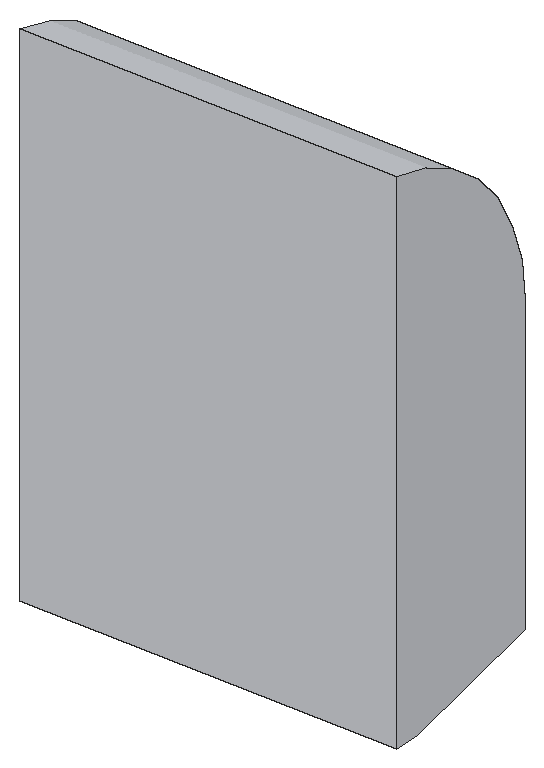
Revit family "DAN DRYER Stainless Design Mini Design 287", category Furniture Systems, host Wall, Revit 2018
Family settings
  Host = Wall
  Round Connector Dimension = Use Diameter
  Part Type = Normal
  Always vertical = Yes
  Cut with Voids When Loaded = No
  Shared = No
  Room Calculation Point = No
Parameters (values of type "Stål")
  Wicth = 338 mm
  URL = "http://www.dandryer.com/Files/Billeder/PDF/Datablade/Nye/Technical_data_sheet_287.pdf"
  Type Image = <None>
  Offset from Floor = 1000 mm
  Model = "Stainless design"
  Manufacturer = "http://www.dandryer.com/"
  Height = 460 mm
  Description = "STAINLESS DESIGN, Toilet roll holder Art. no. 287"
  Cost = 0
Reference planes
  plane 1 "Wall": y = 0
  plane 2 "Center (Left/Right)": x = 125
  plane 3 "Back": y = 75
  plane 4 "Top": z = 1000
  plane 5 "Bund": z = 540
  plane 6: x = 294
  plane 7: x = -44
Forms (mm)
  Extrusion 1, solid
    sketch origin (125, 0, 0) x (0, 1, 0) y (0, 0, 1)
      loop
        line (75, 540) -> (97.679, 540) -> (219, 572.508) -> (219, 837.508)
        arc (219, 837.508) -> (177.82, 946.066) -> (75, 1000) r 163.68
        line (75, 1000) -> (75, 540)
    from -169 to 169
  Extrusion 2, solid
    sketch origin (125, 0, 0) x (0, 1, 0) y (0, 0, 1)
      loop
        line (197.861, 566.843) -> (133.494, 549.596) -> (134.27, 546.699) -> (198.637, 563.946) -> (197.861, 566.843)
    from -81.28 to 139.434
Text (mm)
  text "Placement Side" at (-1848.837, 1116.779, 0), in view "Ref. Level"
  text "Placement side" at (0, 1409.804, 2854.306), in view "Left"
  text "Placement side" at (0, 499.811, 2980.732), in view "Right"
Dimensions and locks
  locked: plane 3 "Back" to host wall
  "Height": plane 5 "Bund" to plane 4 "Top"
  equal spacing: plane 7, plane 2 "Center (Left/Right)", plane 6
  "Wicth": plane 7 to plane 6
  "Offset from Floor": level to plane 4 "Top"
  aligned and locked: plane 1 "Wall" to host wall
  aligned and locked: Extrusion 1 to plane 7
  aligned and locked: Extrusion 1 to plane 6
  aligned and locked: plane 4 "Top" to Extrusion 1 sketch curve
  aligned and locked: host wall to Extrusion 1 sketch curve
Automatic sketch dimensions
  Extrusion 1 sketch curve to plane 5 "Bund" = 0 mm
  Extrusion 1 sketch curve to host wall = 19.68 mm
  Extrusion 1 sketch curve to Extrusion 1 sketch curve = 22.679 mm
  plane 5 "Bund" to Extrusion 1 sketch curve = 32.508 mm
  Extrusion 1 sketch curve to Extrusion 1 sketch curve = 121.321 mm
  plane 5 "Bund" to Extrusion 2 sketch curve = 6.699 mm
  host wall to Extrusion 2 sketch curve = 59.27 mm
  plane 5 "Bund" to Extrusion 2 sketch curve = 23.946 mm
  plane 5 "Bund" to Extrusion 2 sketch curve = 9.596 mm
  Extrusion 2 sketch curve to Extrusion 2 sketch curve = 0.776 mm
